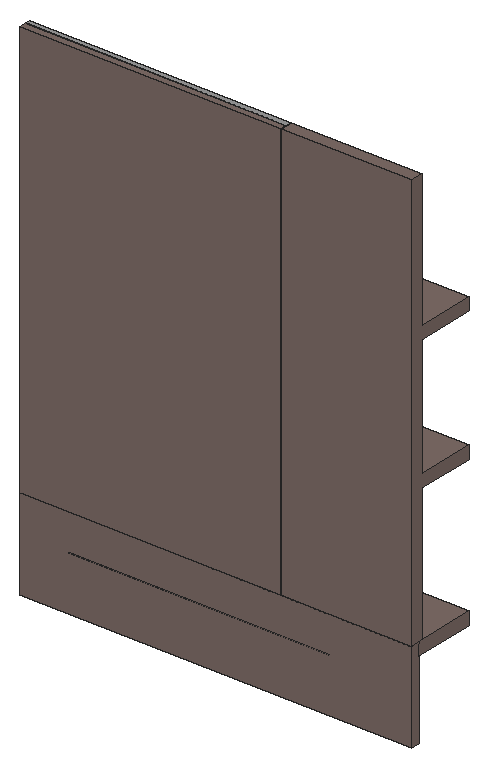
Revit family "Ikea_Lillangen_specchio_16119", category Шкафы, Revit 2017
Family settings
  Основа = Стена
  Номер OmniClass = 23.40.35.00
  Заголовок OmniClass = Casework
  Всегда вертикально = Да
  При загрузке вырезать с полостями = Нет
  Общий = Нет
  Точка расчета площади = Нет
Parameters (values of type "40 + sin rov + dx")
  vis sx = no
  vis el rovesciato = yes
  vis dx = yes
  materiale = _rovere moro
  h pensile = 67.8 cm
  Глубина: = 21 cm
  Width = 40 cm
  Height = 194 cm
Types (6, lengths in cm): name | vis sx | vis dx | h pensile
  30 | no | yes | 67.8
  40 | yes | yes | 64
  40 + dx + sx | yes | yes | 64
  40 + dx | no | yes | 64
  40 + sin | yes | no | 64
  40 + sin rov + dx | no | yes | 67.8
Reference planes (cm)
  plane 1: y = 0
  plane 2 "Centro (Sinistra/Destra)": x = 12.5
  plane 3 "Indietro": y = 7.5
  plane 4: x = 52.5
  plane 5: y = 7.5
  plane 6: z = 128
  plane 7: z = 194
  plane 8: y = 18.5
  plane 9: x = -6.5
  plane 10: z = 192
  plane 11: z = 130
  plane 12: z = 173.17
  plane 13: z = 171.17
  plane 14: z = 152.83
  plane 15: z = 150.83
  plane 16: x = 10
  plane 17: x = 72.5
  plane 18: z = 116
Forms (cm)
  Extrusion 1, solid, material "_rovere moro" <- "materiale", visible <- "vis dx"
    sketch origin (12.5, 0, 0) x (0, 1, 0) y (0, 0, 1)
      loop
        line (9.5, 194) -> (7.5, 194) -> (7.5, 130) -> (9.5, 130) -> (9.5, 150.83) -> (18.5, 150.83) -> (18.5, 152.83) -> (9.5, 152.83) -> (9.5, 171.17) -> (18.5, 171.17) -> (18.5, 173.17) -> (9.5, 173.17) -> (9.5, 194)
    from 40 to 60
  Extrusion 2, solid, material "_rovere moro", visible <- "vis el rovesciato", not visible
    sketch origin (12.5, 0, 0) x (0, 1, 0) y (0, 0, 1)
      loop
        line (10, 191.5) -> (28.5, 191.5) -> (28.5, 194) -> (7.5, 194) -> (7.5, 130) -> (28.5, 130) -> (28.5, 132.5) -> (10, 132.5) -> (10, 150.83) -> (28.5, 150.83) -> (28.5, 152.83) -> (10, 152.83) -> (10, 171.17) -> (28.5, 171.17) -> (28.5, 173.17) -> (10, 173.17) -> (10, 191.5)
    from -20 to -2.5
  Extrusion 3, solid, material "_rovere moro", visible <- "vis el rovesciato", not visible
    sketch origin (0, 7.5, 0) x (1, 0, 0) y (0, 0, 1)
      loop
        line (12.5, 194) -> (10, 194) -> (10, 130) -> (12.5, 130) -> (12.5, 194)
    from -21 to 0
  Extrusion 4, solid, material "_rovere moro" <- "materiale"
    sketch origin (0, 0, 0) x (1, 0, 0) y (0, 1, 0)
      loop
        line (12.5, 8.6391) -> (12.5, 7.5) -> (52.5, 7.5) -> (52.5, 8.6391) -> (12.5, 8.6391)
    from 130 to 194
  Extrusion 5, solid, material "Specchio"
    sketch origin (0, 0, 0) x (1, 0, 0) y (0, 1, 0)
      loop
        line (12.5, 9.5) -> (12.5, 8.6391) -> (52.5, 8.6391) -> (52.5, 9.5) -> (12.5, 9.5)
    from 130.3583 to 194
  Extrusion 6, solid, material "_rovere moro" <- "materiale"
    sketch origin (72.5, 0, 0) x (0, 1, 0) y (0, 0, 1)
      loop
        line (9, 130) -> (7.5, 130) -> (7.5, 116) -> (9, 116) -> (9, 130)
    from -60 to 0
  Sweep 7, solid, material "Acciaio, Galvanizzato"
    path origin (0.625, 0, 0) x (1, 0, 0) y (0, 1, 0)
      loop
        line (15.3332, 9) -> (15.3332, 11.1542)
        arc (15.3332, 11.1542) -> (15.5809, 11.7523) -> (16.179, 12) r 0.8458
        line (16.179, 12) -> (66.9844, 12)
        arc (66.9844, 12) -> (67.5846, 11.7514) -> (67.8332, 11.1513) r 0.8487
        line (67.8332, 11.1513) -> (67.8332, 9)
    profile origin (15.9582, 10.0771, 0) x (-1, 0, 0) y (0, 0, 1)
      loop
        circle (0, 122) r 0.7
  Extrusion 8, solid, material "_rovere moro" <- "materiale"
    sketch origin (72.5, 0, 0) x (0, 1, 0) y (0, 0, 1)
      loop
        line (18.5, 130) -> (9, 130) -> (9, 128) -> (18.5, 128) -> (18.5, 130)
    from -60 to 0
Text (cm)
  text "Lato posizionamento" at (-134.3702, 67.4496, 0), in view "Livello rif."
  text "Lato posizionamento" at (0, 123.2041, 295.8779), in view "Sinistra"
  text "Lato posizionamento" at (0, 59.0385, 303.599), in view "Destra"
Dimensions and locks (cm)
  locked: plane 3 "Indietro" to host wall at 0
  "Width": plane 2 "Centro (Sinistra/Destra)" to plane 4
  plane 11 to plane 15 to plane 14 to plane 13 to plane 12 to plane 10 = 20.83 cm, 2 cm locked, 18.34 cm, 2 cm locked, 18.83 cm
  locked: plane 2 "Centro (Sinistra/Destra)" to plane 16 at 2.5
  plane 7 to Extrusion 6 = 78 cm
  plane 4 to plane 17 = 20 cm
  plane 5 to plane 8 = 11 cm
  plane 11 to plane 7 = 64 cm
  plane 18 to plane 7 = 78 cm
  aligned and locked: plane 1 to host wall
  aligned and locked: plane 5 to plane 3 "Indietro"
  aligned and locked: Extrusion 1 to plane 17
  aligned and locked: plane 4 to Extrusion 1
  aligned and locked: Extrusion 4 to Extrusion 5
  aligned and locked: Extrusion 5 to Extrusion 1
  aligned and locked: Extrusion 4 to plane 11
  aligned and locked: plane 11 to Extrusion 6
  aligned and locked: Extrusion 6 to plane 18
  aligned and locked: plane 11 to Extrusion 8 sketch curve
  aligned and locked: Extrusion 8 sketch curve to plane 8
  aligned and locked: Extrusion 8 sketch curve to plane 6
  aligned and locked: Extrusion 8 sketch curve to Extrusion 6
  aligned and locked: Extrusion 8 to plane 2 "Centro (Sinistra/Destra)"
  aligned and locked: Extrusion 8 to plane 17
Automatic sketch dimensions
  Extrusion 1 sketch curve to Extrusion 1 sketch curve = 0 cm  (x2)
  Extrusion 1 sketch curve to Extrusion 1 sketch curve = 2 cm  (x4)
  Extrusion 1 sketch curve to Extrusion 1 sketch curve = 18.34 cm
  Extrusion 2 sketch curve to Extrusion 2 sketch curve = 0 cm  (x3)
  Extrusion 2 sketch curve to Extrusion 2 sketch curve = 2.5 cm  (x4)
  Extrusion 2 sketch curve to Extrusion 2 sketch curve = 18.5 cm  (x2)
  Extrusion 2 sketch curve to Extrusion 2 sketch curve = 18.33 cm  (x2)
  Extrusion 2 sketch curve to Extrusion 2 sketch curve = 2 cm  (x2)
  Extrusion 2 sketch curve to Extrusion 2 sketch curve = 18.34 cm
  Extrusion 3 sketch curve to Extrusion 3 sketch curve = 2.5 cm
  Extrusion 3 sketch curve to Extrusion 3 sketch curve = 64 cm
  Extrusion 1 sketch curve to host wall = 0 cm
  plane 6 to Extrusion 1 sketch curve = 2 cm
  Extrusion 1 sketch curve to plane 7 = 0 cm
  Extrusion 1 sketch curve to plane 8 = 0 cm
  plane 15 to Extrusion 1 sketch curve = 0 cm
  Extrusion 4 sketch curve to host wall = 0 cm
  Extrusion 4 sketch curve to plane 2 "Centro (Sinistra/Destra)" = 0 cm
  Extrusion 4 sketch curve to plane 4 = 0 cm
  host wall to Extrusion 4 sketch curve = 1.1391 cm
  Extrusion 5 sketch curve to plane 2 "Centro (Sinistra/Destra)" = 0 cm
  Extrusion 5 sketch curve to plane 4 = 0 cm
  host wall to Extrusion 5 sketch curve = 1.1391 cm
  Extrusion 5 sketch curve to Extrusion 5 sketch curve = 0.8609 cm
  Extrusion 6 sketch curve to Extrusion 1 = 0 cm  (x2)
  Extrusion 6 sketch curve to Extrusion 1 = 0.5 cm
  Extrusion 1 to Extrusion 6 sketch curve = 14 cm
  plane 2 "Centro (Sinistra/Destra)" to Sweep 7 sketch curve = 3.4582 cm
  Sweep 7 sketch curve to plane 3 "Indietro" = 3.6513 cm
  Sweep 7 sketch curve to Sweep 7 sketch curve = 0.8458 cm
  plane 17 to Sweep 7 sketch curve = 4.8906 cm
  Sweep 7 sketch curve to Sweep 7 sketch curve = 0.8487 cm
  level to Sweep 7 sketch curve = 122 cm
  Sweep 7 sketch curve to profile plane = 0 cm
  Sweep 7 sketch curve to plane 3 "Indietro" = 1.5 cm  (x2)
  radius of Sweep 7 sketch curve = 0.7 cm
